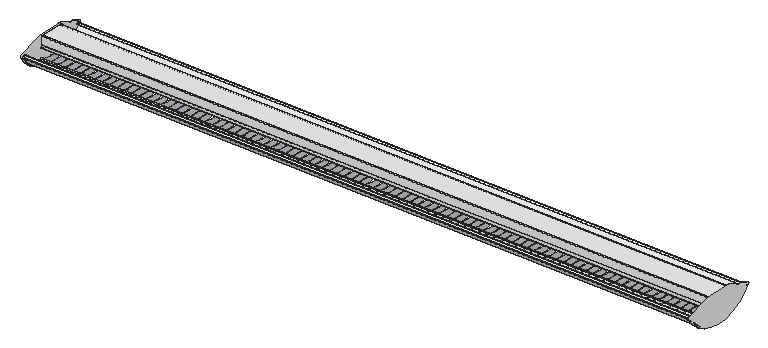
Revit family "LCBA92", category Lighting Fixtures, host Ceiling, Revit 2019 (continued)
Forms (in)
  Extrusion 50, solid
    sketch origin (-40.3833, 0, 0) x (0, 1, 0) y (0, 0, 1)
      loop
        arc (1.81268, 72.94364) -> (-0.00072, 72.65579) -> (-1.81406, 72.94408) r 5.85148
        line (-1.81406, 72.94408) -> (-1.84484, 72.86147) -> (-1.90362, 72.88351)
        arc (-1.90362, 72.88351) -> (-1.99875, 72.88023) -> (-2.06363, 72.81059) r 0.12422
        line (-2.06363, 72.81059) -> (-2.1814, 72.49647)
        arc (-2.1814, 72.49647) -> (-2.17546, 72.44135) -> (-2.12767, 72.41325) r 0.0617
        line (-2.12767, 72.41325) -> (-2.01335, 72.41202) -> (-2.05986, 72.27994)
        arc (-2.05986, 72.27994) -> (0.00142, 71.9068) -> (2.06251, 72.28094) r 5.872
        line (2.06251, 72.28094) -> (2.01335, 72.41202) -> (2.1241, 72.41309)
        arc (2.1241, 72.41309) -> (2.17511, 72.4409) -> (2.18051, 72.49874) r 0.0618
        line (2.18051, 72.49874) -> (2.06311, 72.81193)
        arc (2.06311, 72.81193) -> (1.99756, 72.88131) -> (1.90213, 72.88295) r 0.12304
        line (1.90213, 72.88295) -> (1.84484, 72.86147) -> (1.81268, 72.94364)
    from 45.89311 to 45.9345
  Extrusion 51, solid
    sketch origin (-41.39288, 0, 0) x (0, 1, 0) y (0, 0, 1)
      loop
        arc (1.81268, 72.94364) -> (-0.00072, 72.65579) -> (-1.81406, 72.94408) r 5.85148
        line (-1.81406, 72.94408) -> (-1.84484, 72.86147) -> (-1.90362, 72.88351)
        arc (-1.90362, 72.88351) -> (-1.99875, 72.88023) -> (-2.06363, 72.81059) r 0.12422
        line (-2.06363, 72.81059) -> (-2.1814, 72.49647)
        arc (-2.1814, 72.49647) -> (-2.17546, 72.44135) -> (-2.12767, 72.41325) r 0.0617
        line (-2.12767, 72.41325) -> (-2.01335, 72.41202) -> (-2.05986, 72.27994)
        arc (-2.05986, 72.27994) -> (0.00142, 71.9068) -> (2.06251, 72.28094) r 5.872
        line (2.06251, 72.28094) -> (2.01335, 72.41202) -> (2.1241, 72.41309)
        arc (2.1241, 72.41309) -> (2.17511, 72.4409) -> (2.18051, 72.49874) r 0.0618
        line (2.18051, 72.49874) -> (2.06311, 72.81193)
        arc (2.06311, 72.81193) -> (1.99756, 72.88131) -> (1.90213, 72.88295) r 0.12304
        line (1.90213, 72.88295) -> (1.84484, 72.86147) -> (1.81268, 72.94364)
    from 45.89311 to 45.9345
  Extrusion 52, solid
    sketch origin (-42.40246, 0, 0) x (0, 1, 0) y (0, 0, 1)
      loop
        arc (1.81268, 72.94364) -> (-0.00072, 72.65579) -> (-1.81406, 72.94408) r 5.85148
        line (-1.81406, 72.94408) -> (-1.84484, 72.86147) -> (-1.90362, 72.88351)
        arc (-1.90362, 72.88351) -> (-1.99875, 72.88023) -> (-2.06363, 72.81059) r 0.12422
        line (-2.06363, 72.81059) -> (-2.1814, 72.49647)
        arc (-2.1814, 72.49647) -> (-2.17546, 72.44135) -> (-2.12767, 72.41325) r 0.0617
        line (-2.12767, 72.41325) -> (-2.01335, 72.41202) -> (-2.05986, 72.27994)
        arc (-2.05986, 72.27994) -> (0.00142, 71.9068) -> (2.06251, 72.28094) r 5.872
        line (2.06251, 72.28094) -> (2.01335, 72.41202) -> (2.1241, 72.41309)
        arc (2.1241, 72.41309) -> (2.17511, 72.4409) -> (2.18051, 72.49874) r 0.0618
        line (2.18051, 72.49874) -> (2.06311, 72.81193)
        arc (2.06311, 72.81193) -> (1.99756, 72.88131) -> (1.90213, 72.88295) r 0.12304
        line (1.90213, 72.88295) -> (1.84484, 72.86147) -> (1.81268, 72.94364)
    from 45.89311 to 45.9345
  Extrusion 53, solid
    sketch origin (-43.41204, 0, 0) x (0, 1, 0) y (0, 0, 1)
      loop
        arc (1.81268, 72.94364) -> (-0.00072, 72.65579) -> (-1.81406, 72.94408) r 5.85148
        line (-1.81406, 72.94408) -> (-1.84484, 72.86147) -> (-1.90362, 72.88351)
        arc (-1.90362, 72.88351) -> (-1.99875, 72.88023) -> (-2.06363, 72.81059) r 0.12422
        line (-2.06363, 72.81059) -> (-2.1814, 72.49647)
        arc (-2.1814, 72.49647) -> (-2.17546, 72.44135) -> (-2.12767, 72.41325) r 0.0617
        line (-2.12767, 72.41325) -> (-2.01335, 72.41202) -> (-2.05986, 72.27994)
        arc (-2.05986, 72.27994) -> (0.00142, 71.9068) -> (2.06251, 72.28094) r 5.872
        line (2.06251, 72.28094) -> (2.01335, 72.41202) -> (2.1241, 72.41309)
        arc (2.1241, 72.41309) -> (2.17511, 72.4409) -> (2.18051, 72.49874) r 0.0618
        line (2.18051, 72.49874) -> (2.06311, 72.81193)
        arc (2.06311, 72.81193) -> (1.99756, 72.88131) -> (1.90213, 72.88295) r 0.12304
        line (1.90213, 72.88295) -> (1.84484, 72.86147) -> (1.81268, 72.94364)
    from 45.89311 to 45.9345
  Extrusion 54, solid
    sketch origin (-44.42163, 0, 0) x (0, 1, 0) y (0, 0, 1)
      loop
        arc (1.81268, 72.94364) -> (-0.00072, 72.65579) -> (-1.81406, 72.94408) r 5.85148
        line (-1.81406, 72.94408) -> (-1.84484, 72.86147) -> (-1.90362, 72.88351)
        arc (-1.90362, 72.88351) -> (-1.99875, 72.88023) -> (-2.06363, 72.81059) r 0.12422
        line (-2.06363, 72.81059) -> (-2.1814, 72.49647)
        arc (-2.1814, 72.49647) -> (-2.17546, 72.44135) -> (-2.12767, 72.41325) r 0.0617
        line (-2.12767, 72.41325) -> (-2.01335, 72.41202) -> (-2.05986, 72.27994)
        arc (-2.05986, 72.27994) -> (0.00142, 71.9068) -> (2.06251, 72.28094) r 5.872
        line (2.06251, 72.28094) -> (2.01335, 72.41202) -> (2.1241, 72.41309)
        arc (2.1241, 72.41309) -> (2.17511, 72.4409) -> (2.18051, 72.49874) r 0.0618
        line (2.18051, 72.49874) -> (2.06311, 72.81193)
        arc (2.06311, 72.81193) -> (1.99756, 72.88131) -> (1.90213, 72.88295) r 0.12304
        line (1.90213, 72.88295) -> (1.84484, 72.86147) -> (1.81268, 72.94364)
    from 45.89311 to 45.9345
  Extrusion 55, solid
    sketch origin (-45.43121, 0, 0) x (0, 1, 0) y (0, 0, 1)
      loop
        arc (1.81268, 72.94364) -> (-0.00072, 72.65579) -> (-1.81406, 72.94408) r 5.85148
        line (-1.81406, 72.94408) -> (-1.84484, 72.86147) -> (-1.90362, 72.88351)
        arc (-1.90362, 72.88351) -> (-1.99875, 72.88023) -> (-2.06363, 72.81059) r 0.12422
        line (-2.06363, 72.81059) -> (-2.1814, 72.49647)
        arc (-2.1814, 72.49647) -> (-2.17546, 72.44135) -> (-2.12767, 72.41325) r 0.0617
        line (-2.12767, 72.41325) -> (-2.01335, 72.41202) -> (-2.05986, 72.27994)
        arc (-2.05986, 72.27994) -> (0.00142, 71.9068) -> (2.06251, 72.28094) r 5.872
        line (2.06251, 72.28094) -> (2.01335, 72.41202) -> (2.1241, 72.41309)
        arc (2.1241, 72.41309) -> (2.17511, 72.4409) -> (2.18051, 72.49874) r 0.0618
        line (2.18051, 72.49874) -> (2.06311, 72.81193)
        arc (2.06311, 72.81193) -> (1.99756, 72.88131) -> (1.90213, 72.88295) r 0.12304
        line (1.90213, 72.88295) -> (1.84484, 72.86147) -> (1.81268, 72.94364)
    from 45.89311 to 45.9345
  Extrusion 56, solid
    sketch origin (-46.44079, 0, 0) x (0, 1, 0) y (0, 0, 1)
      loop
        arc (1.81268, 72.94364) -> (-0.00072, 72.65579) -> (-1.81406, 72.94408) r 5.85148
        line (-1.81406, 72.94408) -> (-1.84484, 72.86147) -> (-1.90362, 72.88351)
        arc (-1.90362, 72.88351) -> (-1.99875, 72.88023) -> (-2.06363, 72.81059) r 0.12422
        line (-2.06363, 72.81059) -> (-2.1814, 72.49647)
        arc (-2.1814, 72.49647) -> (-2.17546, 72.44135) -> (-2.12767, 72.41325) r 0.0617
        line (-2.12767, 72.41325) -> (-2.01335, 72.41202) -> (-2.05986, 72.27994)
        arc (-2.05986, 72.27994) -> (0.00142, 71.9068) -> (2.06251, 72.28094) r 5.872
        line (2.06251, 72.28094) -> (2.01335, 72.41202) -> (2.1241, 72.41309)
        arc (2.1241, 72.41309) -> (2.17511, 72.4409) -> (2.18051, 72.49874) r 0.0618
        line (2.18051, 72.49874) -> (2.06311, 72.81193)
        arc (2.06311, 72.81193) -> (1.99756, 72.88131) -> (1.90213, 72.88295) r 0.12304
        line (1.90213, 72.88295) -> (1.84484, 72.86147) -> (1.81268, 72.94364)
    from 45.89311 to 45.9345
  Extrusion 57, solid
    sketch origin (-47.45037, 0, 0) x (0, 1, 0) y (0, 0, 1)
      loop
        arc (1.81268, 72.94364) -> (-0.00072, 72.65579) -> (-1.81406, 72.94408) r 5.85148
        line (-1.81406, 72.94408) -> (-1.84484, 72.86147) -> (-1.90362, 72.88351)
        arc (-1.90362, 72.88351) -> (-1.99875, 72.88023) -> (-2.06363, 72.81059) r 0.12422
        line (-2.06363, 72.81059) -> (-2.1814, 72.49647)
        arc (-2.1814, 72.49647) -> (-2.17546, 72.44135) -> (-2.12767, 72.41325) r 0.0617
        line (-2.12767, 72.41325) -> (-2.01335, 72.41202) -> (-2.05986, 72.27994)
        arc (-2.05986, 72.27994) -> (0.00142, 71.9068) -> (2.06251, 72.28094) r 5.872
        line (2.06251, 72.28094) -> (2.01335, 72.41202) -> (2.1241, 72.41309)
        arc (2.1241, 72.41309) -> (2.17511, 72.4409) -> (2.18051, 72.49874) r 0.0618
        line (2.18051, 72.49874) -> (2.06311, 72.81193)
        arc (2.06311, 72.81193) -> (1.99756, 72.88131) -> (1.90213, 72.88295) r 0.12304
        line (1.90213, 72.88295) -> (1.84484, 72.86147) -> (1.81268, 72.94364)
    from 45.89311 to 45.9345
  Extrusion 58, solid
    sketch origin (-48.45996, 0, 0) x (0, 1, 0) y (0, 0, 1)
      loop
        arc (1.81268, 72.94364) -> (-0.00072, 72.65579) -> (-1.81406, 72.94408) r 5.85148
        line (-1.81406, 72.94408) -> (-1.84484, 72.86147) -> (-1.90362, 72.88351)
        arc (-1.90362, 72.88351) -> (-1.99875, 72.88023) -> (-2.06363, 72.81059) r 0.12422
        line (-2.06363, 72.81059) -> (-2.1814, 72.49647)
        arc (-2.1814, 72.49647) -> (-2.17546, 72.44135) -> (-2.12767, 72.41325) r 0.0617
        line (-2.12767, 72.41325) -> (-2.01335, 72.41202) -> (-2.05986, 72.27994)
        arc (-2.05986, 72.27994) -> (0.00142, 71.9068) -> (2.06251, 72.28094) r 5.872
        line (2.06251, 72.28094) -> (2.01335, 72.41202) -> (2.1241, 72.41309)
        arc (2.1241, 72.41309) -> (2.17511, 72.4409) -> (2.18051, 72.49874) r 0.0618
        line (2.18051, 72.49874) -> (2.06311, 72.81193)
        arc (2.06311, 72.81193) -> (1.99756, 72.88131) -> (1.90213, 72.88295) r 0.12304
        line (1.90213, 72.88295) -> (1.84484, 72.86147) -> (1.81268, 72.94364)
    from 45.89311 to 45.9345
  Extrusion 59, solid
    sketch origin (-49.46954, 0, 0) x (0, 1, 0) y (0, 0, 1)
      loop
        arc (1.81268, 72.94364) -> (-0.00072, 72.65579) -> (-1.81406, 72.94408) r 5.85148
        line (-1.81406, 72.94408) -> (-1.84484, 72.86147) -> (-1.90362, 72.88351)
        arc (-1.90362, 72.88351) -> (-1.99875, 72.88023) -> (-2.06363, 72.81059) r 0.12422
        line (-2.06363, 72.81059) -> (-2.1814, 72.49647)
        arc (-2.1814, 72.49647) -> (-2.17546, 72.44135) -> (-2.12767, 72.41325) r 0.0617
        line (-2.12767, 72.41325) -> (-2.01335, 72.41202) -> (-2.05986, 72.27994)
        arc (-2.05986, 72.27994) -> (0.00142, 71.9068) -> (2.06251, 72.28094) r 5.872
        line (2.06251, 72.28094) -> (2.01335, 72.41202) -> (2.1241, 72.41309)
        arc (2.1241, 72.41309) -> (2.17511, 72.4409) -> (2.18051, 72.49874) r 0.0618
        line (2.18051, 72.49874) -> (2.06311, 72.81193)
        arc (2.06311, 72.81193) -> (1.99756, 72.88131) -> (1.90213, 72.88295) r 0.12304
        line (1.90213, 72.88295) -> (1.84484, 72.86147) -> (1.81268, 72.94364)
    from 45.89311 to 45.9345
  Extrusion 60, solid
    sketch origin (-50.47912, 0, 0) x (0, 1, 0) y (0, 0, 1)
      loop
        arc (1.81268, 72.94364) -> (-0.00072, 72.65579) -> (-1.81406, 72.94408) r 5.85148
        line (-1.81406, 72.94408) -> (-1.84484, 72.86147) -> (-1.90362, 72.88351)
        arc (-1.90362, 72.88351) -> (-1.99875, 72.88023) -> (-2.06363, 72.81059) r 0.12422
        line (-2.06363, 72.81059) -> (-2.1814, 72.49647)
        arc (-2.1814, 72.49647) -> (-2.17546, 72.44135) -> (-2.12767, 72.41325) r 0.0617
        line (-2.12767, 72.41325) -> (-2.01335, 72.41202) -> (-2.05986, 72.27994)
        arc (-2.05986, 72.27994) -> (0.00142, 71.9068) -> (2.06251, 72.28094) r 5.872
        line (2.06251, 72.28094) -> (2.01335, 72.41202) -> (2.1241, 72.41309)
        arc (2.1241, 72.41309) -> (2.17511, 72.4409) -> (2.18051, 72.49874) r 0.0618
        line (2.18051, 72.49874) -> (2.06311, 72.81193)
        arc (2.06311, 72.81193) -> (1.99756, 72.88131) -> (1.90213, 72.88295) r 0.12304
        line (1.90213, 72.88295) -> (1.84484, 72.86147) -> (1.81268, 72.94364)
    from 45.89311 to 45.9345
  Extrusion 61, solid
    sketch origin (-51.4887, 0, 0) x (0, 1, 0) y (0, 0, 1)
      loop
        arc (1.81268, 72.94364) -> (-0.00072, 72.65579) -> (-1.81406, 72.94408) r 5.85148
        line (-1.81406, 72.94408) -> (-1.84484, 72.86147) -> (-1.90362, 72.88351)
        arc (-1.90362, 72.88351) -> (-1.99875, 72.88023) -> (-2.06363, 72.81059) r 0.12422
        line (-2.06363, 72.81059) -> (-2.1814, 72.49647)
        arc (-2.1814, 72.49647) -> (-2.17546, 72.44135) -> (-2.12767, 72.41325) r 0.0617
        line (-2.12767, 72.41325) -> (-2.01335, 72.41202) -> (-2.05986, 72.27994)
        arc (-2.05986, 72.27994) -> (0.00142, 71.9068) -> (2.06251, 72.28094) r 5.872
        line (2.06251, 72.28094) -> (2.01335, 72.41202) -> (2.1241, 72.41309)
        arc (2.1241, 72.41309) -> (2.17511, 72.4409) -> (2.18051, 72.49874) r 0.0618
        line (2.18051, 72.49874) -> (2.06311, 72.81193)
        arc (2.06311, 72.81193) -> (1.99756, 72.88131) -> (1.90213, 72.88295) r 0.12304
        line (1.90213, 72.88295) -> (1.84484, 72.86147) -> (1.81268, 72.94364)
    from 45.89311 to 45.9345
  Extrusion 62, solid
    sketch origin (-52.49829, 0, 0) x (0, 1, 0) y (0, 0, 1)
      loop
        arc (1.81268, 72.94364) -> (-0.00072, 72.65579) -> (-1.81406, 72.94408) r 5.85148
        line (-1.81406, 72.94408) -> (-1.84484, 72.86147) -> (-1.90362, 72.88351)
        arc (-1.90362, 72.88351) -> (-1.99875, 72.88023) -> (-2.06363, 72.81059) r 0.12422
        line (-2.06363, 72.81059) -> (-2.1814, 72.49647)
        arc (-2.1814, 72.49647) -> (-2.17546, 72.44135) -> (-2.12767, 72.41325) r 0.0617
        line (-2.12767, 72.41325) -> (-2.01335, 72.41202) -> (-2.05986, 72.27994)
        arc (-2.05986, 72.27994) -> (0.00142, 71.9068) -> (2.06251, 72.28094) r 5.872
        line (2.06251, 72.28094) -> (2.01335, 72.41202) -> (2.1241, 72.41309)
        arc (2.1241, 72.41309) -> (2.17511, 72.4409) -> (2.18051, 72.49874) r 0.0618
        line (2.18051, 72.49874) -> (2.06311, 72.81193)
        arc (2.06311, 72.81193) -> (1.99756, 72.88131) -> (1.90213, 72.88295) r 0.12304
        line (1.90213, 72.88295) -> (1.84484, 72.86147) -> (1.81268, 72.94364)
    from 45.89311 to 45.9345
  Extrusion 63, solid
    sketch origin (-53.50787, 0, 0) x (0, 1, 0) y (0, 0, 1)
      loop
        arc (1.81268, 72.94364) -> (-0.00072, 72.65579) -> (-1.81406, 72.94408) r 5.85148
        line (-1.81406, 72.94408) -> (-1.84484, 72.86147) -> (-1.90362, 72.88351)
        arc (-1.90362, 72.88351) -> (-1.99875, 72.88023) -> (-2.06363, 72.81059) r 0.12422
        line (-2.06363, 72.81059) -> (-2.1814, 72.49647)
        arc (-2.1814, 72.49647) -> (-2.17546, 72.44135) -> (-2.12767, 72.41325) r 0.0617
        line (-2.12767, 72.41325) -> (-2.01335, 72.41202) -> (-2.05986, 72.27994)
        arc (-2.05986, 72.27994) -> (0.00142, 71.9068) -> (2.06251, 72.28094) r 5.872
        line (2.06251, 72.28094) -> (2.01335, 72.41202) -> (2.1241, 72.41309)
        arc (2.1241, 72.41309) -> (2.17511, 72.4409) -> (2.18051, 72.49874) r 0.0618
        line (2.18051, 72.49874) -> (2.06311, 72.81193)
        arc (2.06311, 72.81193) -> (1.99756, 72.88131) -> (1.90213, 72.88295) r 0.12304
        line (1.90213, 72.88295) -> (1.84484, 72.86147) -> (1.81268, 72.94364)
    from 45.89311 to 45.9345
  Extrusion 64, solid
    sketch origin (-54.51745, 0, 0) x (0, 1, 0) y (0, 0, 1)
      loop
        arc (1.81268, 72.94364) -> (-0.00072, 72.65579) -> (-1.81406, 72.94408) r 5.85148
        line (-1.81406, 72.94408) -> (-1.84484, 72.86147) -> (-1.90362, 72.88351)
        arc (-1.90362, 72.88351) -> (-1.99875, 72.88023) -> (-2.06363, 72.81059) r 0.12422
        line (-2.06363, 72.81059) -> (-2.1814, 72.49647)
        arc (-2.1814, 72.49647) -> (-2.17546, 72.44135) -> (-2.12767, 72.41325) r 0.0617
        line (-2.12767, 72.41325) -> (-2.01335, 72.41202) -> (-2.05986, 72.27994)
        arc (-2.05986, 72.27994) -> (0.00142, 71.9068) -> (2.06251, 72.28094) r 5.872
        line (2.06251, 72.28094) -> (2.01335, 72.41202) -> (2.1241, 72.41309)
        arc (2.1241, 72.41309) -> (2.17511, 72.4409) -> (2.18051, 72.49874) r 0.0618
        line (2.18051, 72.49874) -> (2.06311, 72.81193)
        arc (2.06311, 72.81193) -> (1.99756, 72.88131) -> (1.90213, 72.88295) r 0.12304
        line (1.90213, 72.88295) -> (1.84484, 72.86147) -> (1.81268, 72.94364)
    from 45.89311 to 45.9345
  Extrusion 65, solid
    sketch origin (-55.52703, 0, 0) x (0, 1, 0) y (0, 0, 1)
      loop
        arc (1.81268, 72.94364) -> (-0.00072, 72.65579) -> (-1.81406, 72.94408) r 5.85148
        line (-1.81406, 72.94408) -> (-1.84484, 72.86147) -> (-1.90362, 72.88351)
        arc (-1.90362, 72.88351) -> (-1.99875, 72.88023) -> (-2.06363, 72.81059) r 0.12422
        line (-2.06363, 72.81059) -> (-2.1814, 72.49647)
        arc (-2.1814, 72.49647) -> (-2.17546, 72.44135) -> (-2.12767, 72.41325) r 0.0617
        line (-2.12767, 72.41325) -> (-2.01335, 72.41202) -> (-2.05986, 72.27994)
        arc (-2.05986, 72.27994) -> (0.00142, 71.9068) -> (2.06251, 72.28094) r 5.872
        line (2.06251, 72.28094) -> (2.01335, 72.41202) -> (2.1241, 72.41309)
        arc (2.1241, 72.41309) -> (2.17511, 72.4409) -> (2.18051, 72.49874) r 0.0618
        line (2.18051, 72.49874) -> (2.06311, 72.81193)
        arc (2.06311, 72.81193) -> (1.99756, 72.88131) -> (1.90213, 72.88295) r 0.12304
        line (1.90213, 72.88295) -> (1.84484, 72.86147) -> (1.81268, 72.94364)
    from 45.89311 to 45.9345
  Extrusion 66, solid
    sketch origin (-56.53662, 0, 0) x (0, 1, 0) y (0, 0, 1)
      loop
        arc (1.81268, 72.94364) -> (-0.00072, 72.65579) -> (-1.81406, 72.94408) r 5.85148
        line (-1.81406, 72.94408) -> (-1.84484, 72.86147) -> (-1.90362, 72.88351)
        arc (-1.90362, 72.88351) -> (-1.99875, 72.88023) -> (-2.06363, 72.81059) r 0.12422
        line (-2.06363, 72.81059) -> (-2.1814, 72.49647)
        arc (-2.1814, 72.49647) -> (-2.17546, 72.44135) -> (-2.12767, 72.41325) r 0.0617
        line (-2.12767, 72.41325) -> (-2.01335, 72.41202) -> (-2.05986, 72.27994)
        arc (-2.05986, 72.27994) -> (0.00142, 71.9068) -> (2.06251, 72.28094) r 5.872
        line (2.06251, 72.28094) -> (2.01335, 72.41202) -> (2.1241, 72.41309)
        arc (2.1241, 72.41309) -> (2.17511, 72.4409) -> (2.18051, 72.49874) r 0.0618
        line (2.18051, 72.49874) -> (2.06311, 72.81193)
        arc (2.06311, 72.81193) -> (1.99756, 72.88131) -> (1.90213, 72.88295) r 0.12304
        line (1.90213, 72.88295) -> (1.84484, 72.86147) -> (1.81268, 72.94364)
    from 45.89311 to 45.9345
  Extrusion 67, solid
    sketch origin (-57.5462, 0, 0) x (0, 1, 0) y (0, 0, 1)
      loop
        arc (1.81268, 72.94364) -> (-0.00072, 72.65579) -> (-1.81406, 72.94408) r 5.85148
        line (-1.81406, 72.94408) -> (-1.84484, 72.86147) -> (-1.90362, 72.88351)
        arc (-1.90362, 72.88351) -> (-1.99875, 72.88023) -> (-2.06363, 72.81059) r 0.12422
        line (-2.06363, 72.81059) -> (-2.1814, 72.49647)
        arc (-2.1814, 72.49647) -> (-2.17546, 72.44135) -> (-2.12767, 72.41325) r 0.0617
        line (-2.12767, 72.41325) -> (-2.01335, 72.41202) -> (-2.05986, 72.27994)
        arc (-2.05986, 72.27994) -> (0.00142, 71.9068) -> (2.06251, 72.28094) r 5.872
        line (2.06251, 72.28094) -> (2.01335, 72.41202) -> (2.1241, 72.41309)
        arc (2.1241, 72.41309) -> (2.17511, 72.4409) -> (2.18051, 72.49874) r 0.0618
        line (2.18051, 72.49874) -> (2.06311, 72.81193)
        arc (2.06311, 72.81193) -> (1.99756, 72.88131) -> (1.90213, 72.88295) r 0.12304
        line (1.90213, 72.88295) -> (1.84484, 72.86147) -> (1.81268, 72.94364)
    from 45.89311 to 45.9345
  Extrusion 68, solid
    sketch origin (-58.55578, 0, 0) x (0, 1, 0) y (0, 0, 1)
      loop
        arc (1.81268, 72.94364) -> (-0.00072, 72.65579) -> (-1.81406, 72.94408) r 5.85148
        line (-1.81406, 72.94408) -> (-1.84484, 72.86147) -> (-1.90362, 72.88351)
        arc (-1.90362, 72.88351) -> (-1.99875, 72.88023) -> (-2.06363, 72.81059) r 0.12422
        line (-2.06363, 72.81059) -> (-2.1814, 72.49647)
        arc (-2.1814, 72.49647) -> (-2.17546, 72.44135) -> (-2.12767, 72.41325) r 0.0617
        line (-2.12767, 72.41325) -> (-2.01335, 72.41202) -> (-2.05986, 72.27994)
        arc (-2.05986, 72.27994) -> (0.00142, 71.9068) -> (2.06251, 72.28094) r 5.872
        line (2.06251, 72.28094) -> (2.01335, 72.41202) -> (2.1241, 72.41309)
        arc (2.1241, 72.41309) -> (2.17511, 72.4409) -> (2.18051, 72.49874) r 0.0618
        line (2.18051, 72.49874) -> (2.06311, 72.81193)
        arc (2.06311, 72.81193) -> (1.99756, 72.88131) -> (1.90213, 72.88295) r 0.12304
        line (1.90213, 72.88295) -> (1.84484, 72.86147) -> (1.81268, 72.94364)
    from 45.89311 to 45.9345
  Extrusion 69, solid
    sketch origin (-59.56536, 0, 0) x (0, 1, 0) y (0, 0, 1)
      loop
        arc (1.81268, 72.94364) -> (-0.00072, 72.65579) -> (-1.81406, 72.94408) r 5.85148
        line (-1.81406, 72.94408) -> (-1.84484, 72.86147) -> (-1.90362, 72.88351)
        arc (-1.90362, 72.88351) -> (-1.99875, 72.88023) -> (-2.06363, 72.81059) r 0.12422
        line (-2.06363, 72.81059) -> (-2.1814, 72.49647)
        arc (-2.1814, 72.49647) -> (-2.17546, 72.44135) -> (-2.12767, 72.41325) r 0.0617
        line (-2.12767, 72.41325) -> (-2.01335, 72.41202) -> (-2.05986, 72.27994)
        arc (-2.05986, 72.27994) -> (0.00142, 71.9068) -> (2.06251, 72.28094) r 5.872
        line (2.06251, 72.28094) -> (2.01335, 72.41202) -> (2.1241, 72.41309)
        arc (2.1241, 72.41309) -> (2.17511, 72.4409) -> (2.18051, 72.49874) r 0.0618
        line (2.18051, 72.49874) -> (2.06311, 72.81193)
        arc (2.06311, 72.81193) -> (1.99756, 72.88131) -> (1.90213, 72.88295) r 0.12304
        line (1.90213, 72.88295) -> (1.84484, 72.86147) -> (1.81268, 72.94364)
    from 45.89311 to 45.9345
  Extrusion 70, solid
    sketch origin (-60.57495, 0, 0) x (0, 1, 0) y (0, 0, 1)
      loop
        arc (1.81268, 72.94364) -> (-0.00072, 72.65579) -> (-1.81406, 72.94408) r 5.85148
        line (-1.81406, 72.94408) -> (-1.84484, 72.86147) -> (-1.90362, 72.88351)
        arc (-1.90362, 72.88351) -> (-1.99875, 72.88023) -> (-2.06363, 72.81059) r 0.12422
        line (-2.06363, 72.81059) -> (-2.1814, 72.49647)
        arc (-2.1814, 72.49647) -> (-2.17546, 72.44135) -> (-2.12767, 72.41325) r 0.0617
        line (-2.12767, 72.41325) -> (-2.01335, 72.41202) -> (-2.05986, 72.27994)
        arc (-2.05986, 72.27994) -> (0.00142, 71.9068) -> (2.06251, 72.28094) r 5.872
        line (2.06251, 72.28094) -> (2.01335, 72.41202) -> (2.1241, 72.41309)
        arc (2.1241, 72.41309) -> (2.17511, 72.4409) -> (2.18051, 72.49874) r 0.0618
        line (2.18051, 72.49874) -> (2.06311, 72.81193)
        arc (2.06311, 72.81193) -> (1.99756, 72.88131) -> (1.90213, 72.88295) r 0.12304
        line (1.90213, 72.88295) -> (1.84484, 72.86147) -> (1.81268, 72.94364)
    from 45.89311 to 45.9345
  Extrusion 71, solid
    sketch origin (-61.58453, 0, 0) x (0, 1, 0) y (0, 0, 1)
      loop
        arc (1.81268, 72.94364) -> (-0.00072, 72.65579) -> (-1.81406, 72.94408) r 5.85148
        line (-1.81406, 72.94408) -> (-1.84484, 72.86147) -> (-1.90362, 72.88351)
        arc (-1.90362, 72.88351) -> (-1.99875, 72.88023) -> (-2.06363, 72.81059) r 0.12422
        line (-2.06363, 72.81059) -> (-2.1814, 72.49647)
        arc (-2.1814, 72.49647) -> (-2.17546, 72.44135) -> (-2.12767, 72.41325) r 0.0617
        line (-2.12767, 72.41325) -> (-2.01335, 72.41202) -> (-2.05986, 72.27994)
        arc (-2.05986, 72.27994) -> (0.00142, 71.9068) -> (2.06251, 72.28094) r 5.872
        line (2.06251, 72.28094) -> (2.01335, 72.41202) -> (2.1241, 72.41309)
        arc (2.1241, 72.41309) -> (2.17511, 72.4409) -> (2.18051, 72.49874) r 0.0618
        line (2.18051, 72.49874) -> (2.06311, 72.81193)
        arc (2.06311, 72.81193) -> (1.99756, 72.88131) -> (1.90213, 72.88295) r 0.12304
        line (1.90213, 72.88295) -> (1.84484, 72.86147) -> (1.81268, 72.94364)
    from 45.89311 to 45.9345
  Extrusion 72, solid
    sketch origin (-62.59411, 0, 0) x (0, 1, 0) y (0, 0, 1)
      loop
        arc (1.81268, 72.94364) -> (-0.00072, 72.65579) -> (-1.81406, 72.94408) r 5.85148
        line (-1.81406, 72.94408) -> (-1.84484, 72.86147) -> (-1.90362, 72.88351)
        arc (-1.90362, 72.88351) -> (-1.99875, 72.88023) -> (-2.06363, 72.81059) r 0.12422
        line (-2.06363, 72.81059) -> (-2.1814, 72.49647)
        arc (-2.1814, 72.49647) -> (-2.17546, 72.44135) -> (-2.12767, 72.41325) r 0.0617
        line (-2.12767, 72.41325) -> (-2.01335, 72.41202) -> (-2.05986, 72.27994)
        arc (-2.05986, 72.27994) -> (0.00142, 71.9068) -> (2.06251, 72.28094) r 5.872
        line (2.06251, 72.28094) -> (2.01335, 72.41202) -> (2.1241, 72.41309)
        arc (2.1241, 72.41309) -> (2.17511, 72.4409) -> (2.18051, 72.49874) r 0.0618
        line (2.18051, 72.49874) -> (2.06311, 72.81193)
        arc (2.06311, 72.81193) -> (1.99756, 72.88131) -> (1.90213, 72.88295) r 0.12304
        line (1.90213, 72.88295) -> (1.84484, 72.86147) -> (1.81268, 72.94364)
    from 45.89311 to 45.9345
  Extrusion 73, solid
    sketch origin (-63.60369, 0, 0) x (0, 1, 0) y (0, 0, 1)
      loop
        arc (1.81268, 72.94364) -> (-0.00072, 72.65579) -> (-1.81406, 72.94408) r 5.85148
        line (-1.81406, 72.94408) -> (-1.84484, 72.86147) -> (-1.90362, 72.88351)
        arc (-1.90362, 72.88351) -> (-1.99875, 72.88023) -> (-2.06363, 72.81059) r 0.12422
        line (-2.06363, 72.81059) -> (-2.1814, 72.49647)
        arc (-2.1814, 72.49647) -> (-2.17546, 72.44135) -> (-2.12767, 72.41325) r 0.0617
        line (-2.12767, 72.41325) -> (-2.01335, 72.41202) -> (-2.05986, 72.27994)
        arc (-2.05986, 72.27994) -> (0.00142, 71.9068) -> (2.06251, 72.28094) r 5.872
        line (2.06251, 72.28094) -> (2.01335, 72.41202) -> (2.1241, 72.41309)
        arc (2.1241, 72.41309) -> (2.17511, 72.4409) -> (2.18051, 72.49874) r 0.0618
        line (2.18051, 72.49874) -> (2.06311, 72.81193)
        arc (2.06311, 72.81193) -> (1.99756, 72.88131) -> (1.90213, 72.88295) r 0.12304
        line (1.90213, 72.88295) -> (1.84484, 72.86147) -> (1.81268, 72.94364)
    from 45.89311 to 45.9345
  Extrusion 74, solid
    sketch origin (-64.61327, 0, 0) x (0, 1, 0) y (0, 0, 1)
      loop
        arc (1.81268, 72.94364) -> (-0.00072, 72.65579) -> (-1.81406, 72.94408) r 5.85148
        line (-1.81406, 72.94408) -> (-1.84484, 72.86147) -> (-1.90362, 72.88351)
        arc (-1.90362, 72.88351) -> (-1.99875, 72.88023) -> (-2.06363, 72.81059) r 0.12422
        line (-2.06363, 72.81059) -> (-2.1814, 72.49647)
        arc (-2.1814, 72.49647) -> (-2.17546, 72.44135) -> (-2.12767, 72.41325) r 0.0617
        line (-2.12767, 72.41325) -> (-2.01335, 72.41202) -> (-2.05986, 72.27994)
        arc (-2.05986, 72.27994) -> (0.00142, 71.9068) -> (2.06251, 72.28094) r 5.872
        line (2.06251, 72.28094) -> (2.01335, 72.41202) -> (2.1241, 72.41309)
        arc (2.1241, 72.41309) -> (2.17511, 72.4409) -> (2.18051, 72.49874) r 0.0618
        line (2.18051, 72.49874) -> (2.06311, 72.81193)
        arc (2.06311, 72.81193) -> (1.99756, 72.88131) -> (1.90213, 72.88295) r 0.12304
        line (1.90213, 72.88295) -> (1.84484, 72.86147) -> (1.81268, 72.94364)
    from 45.89311 to 45.9345
  Extrusion 75, solid
    sketch origin (-65.62286, 0, 0) x (0, 1, 0) y (0, 0, 1)
      loop
        arc (1.81268, 72.94364) -> (-0.00072, 72.65579) -> (-1.81406, 72.94408) r 5.85148
        line (-1.81406, 72.94408) -> (-1.84484, 72.86147) -> (-1.90362, 72.88351)
        arc (-1.90362, 72.88351) -> (-1.99875, 72.88023) -> (-2.06363, 72.81059) r 0.12422
        line (-2.06363, 72.81059) -> (-2.1814, 72.49647)
        arc (-2.1814, 72.49647) -> (-2.17546, 72.44135) -> (-2.12767, 72.41325) r 0.0617
        line (-2.12767, 72.41325) -> (-2.01335, 72.41202) -> (-2.05986, 72.27994)
        arc (-2.05986, 72.27994) -> (0.00142, 71.9068) -> (2.06251, 72.28094) r 5.872
        line (2.06251, 72.28094) -> (2.01335, 72.41202) -> (2.1241, 72.41309)
        arc (2.1241, 72.41309) -> (2.17511, 72.4409) -> (2.18051, 72.49874) r 0.0618
        line (2.18051, 72.49874) -> (2.06311, 72.81193)
        arc (2.06311, 72.81193) -> (1.99756, 72.88131) -> (1.90213, 72.88295) r 0.12304
        line (1.90213, 72.88295) -> (1.84484, 72.86147) -> (1.81268, 72.94364)
    from 45.89311 to 45.9345
  Extrusion 76, solid
    sketch origin (-66.63244, 0, 0) x (0, 1, 0) y (0, 0, 1)
      loop
        arc (1.81268, 72.94364) -> (-0.00072, 72.65579) -> (-1.81406, 72.94408) r 5.85148
        line (-1.81406, 72.94408) -> (-1.84484, 72.86147) -> (-1.90362, 72.88351)
        arc (-1.90362, 72.88351) -> (-1.99875, 72.88023) -> (-2.06363, 72.81059) r 0.12422
        line (-2.06363, 72.81059) -> (-2.1814, 72.49647)
        arc (-2.1814, 72.49647) -> (-2.17546, 72.44135) -> (-2.12767, 72.41325) r 0.0617
        line (-2.12767, 72.41325) -> (-2.01335, 72.41202) -> (-2.05986, 72.27994)
        arc (-2.05986, 72.27994) -> (0.00142, 71.9068) -> (2.06251, 72.28094) r 5.872
        line (2.06251, 72.28094) -> (2.01335, 72.41202) -> (2.1241, 72.41309)
        arc (2.1241, 72.41309) -> (2.17511, 72.4409) -> (2.18051, 72.49874) r 0.0618
        line (2.18051, 72.49874) -> (2.06311, 72.81193)
        arc (2.06311, 72.81193) -> (1.99756, 72.88131) -> (1.90213, 72.88295) r 0.12304
        line (1.90213, 72.88295) -> (1.84484, 72.86147) -> (1.81268, 72.94364)
    from 45.89311 to 45.9345
  Extrusion 77, solid
    sketch origin (-67.64202, 0, 0) x (0, 1, 0) y (0, 0, 1)
      loop
        arc (1.81268, 72.94364) -> (-0.00072, 72.65579) -> (-1.81406, 72.94408) r 5.85148
        line (-1.81406, 72.94408) -> (-1.84484, 72.86147) -> (-1.90362, 72.88351)
        arc (-1.90362, 72.88351) -> (-1.99875, 72.88023) -> (-2.06363, 72.81059) r 0.12422
        line (-2.06363, 72.81059) -> (-2.1814, 72.49647)
        arc (-2.1814, 72.49647) -> (-2.17546, 72.44135) -> (-2.12767, 72.41325) r 0.0617
        line (-2.12767, 72.41325) -> (-2.01335, 72.41202) -> (-2.05986, 72.27994)
        arc (-2.05986, 72.27994) -> (0.00142, 71.9068) -> (2.06251, 72.28094) r 5.872
        line (2.06251, 72.28094) -> (2.01335, 72.41202) -> (2.1241, 72.41309)
        arc (2.1241, 72.41309) -> (2.17511, 72.4409) -> (2.18051, 72.49874) r 0.0618
        line (2.18051, 72.49874) -> (2.06311, 72.81193)
        arc (2.06311, 72.81193) -> (1.99756, 72.88131) -> (1.90213, 72.88295) r 0.12304
        line (1.90213, 72.88295) -> (1.84484, 72.86147) -> (1.81268, 72.94364)
    from 45.89311 to 45.9345
  Extrusion 78, solid
    sketch origin (-68.6516, 0, 0) x (0, 1, 0) y (0, 0, 1)
      loop
        arc (1.81268, 72.94364) -> (-0.00072, 72.65579) -> (-1.81406, 72.94408) r 5.85148
        line (-1.81406, 72.94408) -> (-1.84484, 72.86147) -> (-1.90362, 72.88351)
        arc (-1.90362, 72.88351) -> (-1.99875, 72.88023) -> (-2.06363, 72.81059) r 0.12422
        line (-2.06363, 72.81059) -> (-2.1814, 72.49647)
        arc (-2.1814, 72.49647) -> (-2.17546, 72.44135) -> (-2.12767, 72.41325) r 0.0617
        line (-2.12767, 72.41325) -> (-2.01335, 72.41202) -> (-2.05986, 72.27994)
        arc (-2.05986, 72.27994) -> (0.00142, 71.9068) -> (2.06251, 72.28094) r 5.872
        line (2.06251, 72.28094) -> (2.01335, 72.41202) -> (2.1241, 72.41309)
        arc (2.1241, 72.41309) -> (2.17511, 72.4409) -> (2.18051, 72.49874) r 0.0618
        line (2.18051, 72.49874) -> (2.06311, 72.81193)
        arc (2.06311, 72.81193) -> (1.99756, 72.88131) -> (1.90213, 72.88295) r 0.12304
        line (1.90213, 72.88295) -> (1.84484, 72.86147) -> (1.81268, 72.94364)
    from 45.89311 to 45.9345
  Extrusion 79, solid
    sketch origin (-69.66119, 0, 0) x (0, 1, 0) y (0, 0, 1)
      loop
        arc (1.81268, 72.94364) -> (-0.00072, 72.65579) -> (-1.81406, 72.94408) r 5.85148
        line (-1.81406, 72.94408) -> (-1.84484, 72.86147) -> (-1.90362, 72.88351)
        arc (-1.90362, 72.88351) -> (-1.99875, 72.88023) -> (-2.06363, 72.81059) r 0.12422
        line (-2.06363, 72.81059) -> (-2.1814, 72.49647)
        arc (-2.1814, 72.49647) -> (-2.17546, 72.44135) -> (-2.12767, 72.41325) r 0.0617
        line (-2.12767, 72.41325) -> (-2.01335, 72.41202) -> (-2.05986, 72.27994)
        arc (-2.05986, 72.27994) -> (0.00142, 71.9068) -> (2.06251, 72.28094) r 5.872
        line (2.06251, 72.28094) -> (2.01335, 72.41202) -> (2.1241, 72.41309)
        arc (2.1241, 72.41309) -> (2.17511, 72.4409) -> (2.18051, 72.49874) r 0.0618
        line (2.18051, 72.49874) -> (2.06311, 72.81193)
        arc (2.06311, 72.81193) -> (1.99756, 72.88131) -> (1.90213, 72.88295) r 0.12304
        line (1.90213, 72.88295) -> (1.84484, 72.86147) -> (1.81268, 72.94364)
    from 45.89311 to 45.9345
  Extrusion 80, solid
    sketch origin (-70.67077, 0, 0) x (0, 1, 0) y (0, 0, 1)
      loop
        arc (1.81268, 72.94364) -> (-0.00072, 72.65579) -> (-1.81406, 72.94408) r 5.85148
        line (-1.81406, 72.94408) -> (-1.84484, 72.86147) -> (-1.90362, 72.88351)
        arc (-1.90362, 72.88351) -> (-1.99875, 72.88023) -> (-2.06363, 72.81059) r 0.12422
        line (-2.06363, 72.81059) -> (-2.1814, 72.49647)
        arc (-2.1814, 72.49647) -> (-2.17546, 72.44135) -> (-2.12767, 72.41325) r 0.0617
        line (-2.12767, 72.41325) -> (-2.01335, 72.41202) -> (-2.05986, 72.27994)
        arc (-2.05986, 72.27994) -> (0.00142, 71.9068) -> (2.06251, 72.28094) r 5.872
        line (2.06251, 72.28094) -> (2.01335, 72.41202) -> (2.1241, 72.41309)
        arc (2.1241, 72.41309) -> (2.17511, 72.4409) -> (2.18051, 72.49874) r 0.0618
        line (2.18051, 72.49874) -> (2.06311, 72.81193)
        arc (2.06311, 72.81193) -> (1.99756, 72.88131) -> (1.90213, 72.88295) r 0.12304
        line (1.90213, 72.88295) -> (1.84484, 72.86147) -> (1.81268, 72.94364)
    from 45.89311 to 45.9345
  Extrusion 81, solid
    sketch origin (-71.68035, 0, 0) x (0, 1, 0) y (0, 0, 1)
      loop
        arc (1.81268, 72.94364) -> (-0.00072, 72.65579) -> (-1.81406, 72.94408) r 5.85148
        line (-1.81406, 72.94408) -> (-1.84484, 72.86147) -> (-1.90362, 72.88351)
        arc (-1.90362, 72.88351) -> (-1.99875, 72.88023) -> (-2.06363, 72.81059) r 0.12422
        line (-2.06363, 72.81059) -> (-2.1814, 72.49647)
        arc (-2.1814, 72.49647) -> (-2.17546, 72.44135) -> (-2.12767, 72.41325) r 0.0617
        line (-2.12767, 72.41325) -> (-2.01335, 72.41202) -> (-2.05986, 72.27994)
        arc (-2.05986, 72.27994) -> (0.00142, 71.9068) -> (2.06251, 72.28094) r 5.872
        line (2.06251, 72.28094) -> (2.01335, 72.41202) -> (2.1241, 72.41309)
        arc (2.1241, 72.41309) -> (2.17511, 72.4409) -> (2.18051, 72.49874) r 0.0618
        line (2.18051, 72.49874) -> (2.06311, 72.81193)
        arc (2.06311, 72.81193) -> (1.99756, 72.88131) -> (1.90213, 72.88295) r 0.12304
        line (1.90213, 72.88295) -> (1.84484, 72.86147) -> (1.81268, 72.94364)
    from 45.89311 to 45.9345
  Extrusion 82, solid
    sketch origin (-72.68993, 0, 0) x (0, 1, 0) y (0, 0, 1)
      loop
        arc (1.81268, 72.94364) -> (-0.00072, 72.65579) -> (-1.81406, 72.94408) r 5.85148
        line (-1.81406, 72.94408) -> (-1.84484, 72.86147) -> (-1.90362, 72.88351)
        arc (-1.90362, 72.88351) -> (-1.99875, 72.88023) -> (-2.06363, 72.81059) r 0.12422
        line (-2.06363, 72.81059) -> (-2.1814, 72.49647)
        arc (-2.1814, 72.49647) -> (-2.17546, 72.44135) -> (-2.12767, 72.41325) r 0.0617
        line (-2.12767, 72.41325) -> (-2.01335, 72.41202) -> (-2.05986, 72.27994)
        arc (-2.05986, 72.27994) -> (0.00142, 71.9068) -> (2.06251, 72.28094) r 5.872
        line (2.06251, 72.28094) -> (2.01335, 72.41202) -> (2.1241, 72.41309)
        arc (2.1241, 72.41309) -> (2.17511, 72.4409) -> (2.18051, 72.49874) r 0.0618
        line (2.18051, 72.49874) -> (2.06311, 72.81193)
        arc (2.06311, 72.81193) -> (1.99756, 72.88131) -> (1.90213, 72.88295) r 0.12304
        line (1.90213, 72.88295) -> (1.84484, 72.86147) -> (1.81268, 72.94364)
    from 45.89311 to 45.9345
  Extrusion 83, solid
    sketch origin (-73.69952, 0, 0) x (0, 1, 0) y (0, 0, 1)
      loop
        arc (1.81268, 72.94364) -> (-0.00072, 72.65579) -> (-1.81406, 72.94408) r 5.85148
        line (-1.81406, 72.94408) -> (-1.84484, 72.86147) -> (-1.90362, 72.88351)
        arc (-1.90362, 72.88351) -> (-1.99875, 72.88023) -> (-2.06363, 72.81059) r 0.12422
        line (-2.06363, 72.81059) -> (-2.1814, 72.49647)
        arc (-2.1814, 72.49647) -> (-2.17546, 72.44135) -> (-2.12767, 72.41325) r 0.0617
        line (-2.12767, 72.41325) -> (-2.01335, 72.41202) -> (-2.05986, 72.27994)
        arc (-2.05986, 72.27994) -> (0.00142, 71.9068) -> (2.06251, 72.28094) r 5.872
        line (2.06251, 72.28094) -> (2.01335, 72.41202) -> (2.1241, 72.41309)
        arc (2.1241, 72.41309) -> (2.17511, 72.4409) -> (2.18051, 72.49874) r 0.0618
        line (2.18051, 72.49874) -> (2.06311, 72.81193)
        arc (2.06311, 72.81193) -> (1.99756, 72.88131) -> (1.90213, 72.88295) r 0.12304
        line (1.90213, 72.88295) -> (1.84484, 72.86147) -> (1.81268, 72.94364)
    from 45.89311 to 45.9345
  Extrusion 84, solid
    sketch origin (-74.7091, 0, 0) x (0, 1, 0) y (0, 0, 1)
      loop
        arc (1.81268, 72.94364) -> (-0.00072, 72.65579) -> (-1.81406, 72.94408) r 5.85148
        line (-1.81406, 72.94408) -> (-1.84484, 72.86147) -> (-1.90362, 72.88351)
        arc (-1.90362, 72.88351) -> (-1.99875, 72.88023) -> (-2.06363, 72.81059) r 0.12422
        line (-2.06363, 72.81059) -> (-2.1814, 72.49647)
        arc (-2.1814, 72.49647) -> (-2.17546, 72.44135) -> (-2.12767, 72.41325) r 0.0617
        line (-2.12767, 72.41325) -> (-2.01335, 72.41202) -> (-2.05986, 72.27994)
        arc (-2.05986, 72.27994) -> (0.00142, 71.9068) -> (2.06251, 72.28094) r 5.872
        line (2.06251, 72.28094) -> (2.01335, 72.41202) -> (2.1241, 72.41309)
        arc (2.1241, 72.41309) -> (2.17511, 72.4409) -> (2.18051, 72.49874) r 0.0618
        line (2.18051, 72.49874) -> (2.06311, 72.81193)
        arc (2.06311, 72.81193) -> (1.99756, 72.88131) -> (1.90213, 72.88295) r 0.12304
        line (1.90213, 72.88295) -> (1.84484, 72.86147) -> (1.81268, 72.94364)
    from 45.89311 to 45.9345
  Extrusion 85, solid
    sketch origin (-75.71868, 0, 0) x (0, 1, 0) y (0, 0, 1)
      loop
        arc (1.81268, 72.94364) -> (-0.00072, 72.65579) -> (-1.81406, 72.94408) r 5.85148
        line (-1.81406, 72.94408) -> (-1.84484, 72.86147) -> (-1.90362, 72.88351)
        arc (-1.90362, 72.88351) -> (-1.99875, 72.88023) -> (-2.06363, 72.81059) r 0.12422
        line (-2.06363, 72.81059) -> (-2.1814, 72.49647)
        arc (-2.1814, 72.49647) -> (-2.17546, 72.44135) -> (-2.12767, 72.41325) r 0.0617
        line (-2.12767, 72.41325) -> (-2.01335, 72.41202) -> (-2.05986, 72.27994)
        arc (-2.05986, 72.27994) -> (0.00142, 71.9068) -> (2.06251, 72.28094) r 5.872
        line (2.06251, 72.28094) -> (2.01335, 72.41202) -> (2.1241, 72.41309)
        arc (2.1241, 72.41309) -> (2.17511, 72.4409) -> (2.18051, 72.49874) r 0.0618
        line (2.18051, 72.49874) -> (2.06311, 72.81193)
        arc (2.06311, 72.81193) -> (1.99756, 72.88131) -> (1.90213, 72.88295) r 0.12304
        line (1.90213, 72.88295) -> (1.84484, 72.86147) -> (1.81268, 72.94364)
    from 45.89311 to 45.9345
  Extrusion 86, solid
    sketch origin (-76.72826, 0, 0) x (0, 1, 0) y (0, 0, 1)
      loop
        arc (1.81268, 72.94364) -> (-0.00072, 72.65579) -> (-1.81406, 72.94408) r 5.85148
        line (-1.81406, 72.94408) -> (-1.84484, 72.86147) -> (-1.90362, 72.88351)
        arc (-1.90362, 72.88351) -> (-1.99875, 72.88023) -> (-2.06363, 72.81059) r 0.12422
        line (-2.06363, 72.81059) -> (-2.1814, 72.49647)
        arc (-2.1814, 72.49647) -> (-2.17546, 72.44135) -> (-2.12767, 72.41325) r 0.0617
        line (-2.12767, 72.41325) -> (-2.01335, 72.41202) -> (-2.05986, 72.27994)
        arc (-2.05986, 72.27994) -> (0.00142, 71.9068) -> (2.06251, 72.28094) r 5.872
        line (2.06251, 72.28094) -> (2.01335, 72.41202) -> (2.1241, 72.41309)
        arc (2.1241, 72.41309) -> (2.17511, 72.4409) -> (2.18051, 72.49874) r 0.0618
        line (2.18051, 72.49874) -> (2.06311, 72.81193)
        arc (2.06311, 72.81193) -> (1.99756, 72.88131) -> (1.90213, 72.88295) r 0.12304
        line (1.90213, 72.88295) -> (1.84484, 72.86147) -> (1.81268, 72.94364)
    from 45.89311 to 45.9345
  Extrusion 87, solid
    sketch origin (-77.73785, 0, 0) x (0, 1, 0) y (0, 0, 1)
      loop
        arc (1.81268, 72.94364) -> (-0.00072, 72.65579) -> (-1.81406, 72.94408) r 5.85148
        line (-1.81406, 72.94408) -> (-1.84484, 72.86147) -> (-1.90362, 72.88351)
        arc (-1.90362, 72.88351) -> (-1.99875, 72.88023) -> (-2.06363, 72.81059) r 0.12422
        line (-2.06363, 72.81059) -> (-2.1814, 72.49647)
        arc (-2.1814, 72.49647) -> (-2.17546, 72.44135) -> (-2.12767, 72.41325) r 0.0617
        line (-2.12767, 72.41325) -> (-2.01335, 72.41202) -> (-2.05986, 72.27994)
        arc (-2.05986, 72.27994) -> (0.00142, 71.9068) -> (2.06251, 72.28094) r 5.872
        line (2.06251, 72.28094) -> (2.01335, 72.41202) -> (2.1241, 72.41309)
        arc (2.1241, 72.41309) -> (2.17511, 72.4409) -> (2.18051, 72.49874) r 0.0618
        line (2.18051, 72.49874) -> (2.06311, 72.81193)
        arc (2.06311, 72.81193) -> (1.99756, 72.88131) -> (1.90213, 72.88295) r 0.12304
        line (1.90213, 72.88295) -> (1.84484, 72.86147) -> (1.81268, 72.94364)
    from 45.89311 to 45.9345
  Extrusion 88, solid
    sketch origin (-78.74743, 0, 0) x (0, 1, 0) y (0, 0, 1)
      loop
        arc (1.81268, 72.94364) -> (-0.00072, 72.65579) -> (-1.81406, 72.94408) r 5.85148
        line (-1.81406, 72.94408) -> (-1.84484, 72.86147) -> (-1.90362, 72.88351)
        arc (-1.90362, 72.88351) -> (-1.99875, 72.88023) -> (-2.06363, 72.81059) r 0.12422
        line (-2.06363, 72.81059) -> (-2.1814, 72.49647)
        arc (-2.1814, 72.49647) -> (-2.17546, 72.44135) -> (-2.12767, 72.41325) r 0.0617
        line (-2.12767, 72.41325) -> (-2.01335, 72.41202) -> (-2.05986, 72.27994)
        arc (-2.05986, 72.27994) -> (0.00142, 71.9068) -> (2.06251, 72.28094) r 5.872
        line (2.06251, 72.28094) -> (2.01335, 72.41202) -> (2.1241, 72.41309)
        arc (2.1241, 72.41309) -> (2.17511, 72.4409) -> (2.18051, 72.49874) r 0.0618
        line (2.18051, 72.49874) -> (2.06311, 72.81193)
        arc (2.06311, 72.81193) -> (1.99756, 72.88131) -> (1.90213, 72.88295) r 0.12304
        line (1.90213, 72.88295) -> (1.84484, 72.86147) -> (1.81268, 72.94364)
    from 45.89311 to 45.9345
  Extrusion 89, solid
    sketch origin (-79.75701, 0, 0) x (0, 1, 0) y (0, 0, 1)
      loop
        arc (1.81268, 72.94364) -> (-0.00072, 72.65579) -> (-1.81406, 72.94408) r 5.85148
        line (-1.81406, 72.94408) -> (-1.84484, 72.86147) -> (-1.90362, 72.88351)
        arc (-1.90362, 72.88351) -> (-1.99875, 72.88023) -> (-2.06363, 72.81059) r 0.12422
        line (-2.06363, 72.81059) -> (-2.1814, 72.49647)
        arc (-2.1814, 72.49647) -> (-2.17546, 72.44135) -> (-2.12767, 72.41325) r 0.0617
        line (-2.12767, 72.41325) -> (-2.01335, 72.41202) -> (-2.05986, 72.27994)
        arc (-2.05986, 72.27994) -> (0.00142, 71.9068) -> (2.06251, 72.28094) r 5.872
        line (2.06251, 72.28094) -> (2.01335, 72.41202) -> (2.1241, 72.41309)
        arc (2.1241, 72.41309) -> (2.17511, 72.4409) -> (2.18051, 72.49874) r 0.0618
        line (2.18051, 72.49874) -> (2.06311, 72.81193)
        arc (2.06311, 72.81193) -> (1.99756, 72.88131) -> (1.90213, 72.88295) r 0.12304
        line (1.90213, 72.88295) -> (1.84484, 72.86147) -> (1.81268, 72.94364)
    from 45.89311 to 45.9345
  Extrusion 90, solid
    sketch origin (-80.76659, 0, 0) x (0, 1, 0) y (0, 0, 1)
      loop
        arc (1.81268, 72.94364) -> (-0.00072, 72.65579) -> (-1.81406, 72.94408) r 5.85148
        line (-1.81406, 72.94408) -> (-1.84484, 72.86147) -> (-1.90362, 72.88351)
        arc (-1.90362, 72.88351) -> (-1.99875, 72.88023) -> (-2.06363, 72.81059) r 0.12422
        line (-2.06363, 72.81059) -> (-2.1814, 72.49647)
        arc (-2.1814, 72.49647) -> (-2.17546, 72.44135) -> (-2.12767, 72.41325) r 0.0617
        line (-2.12767, 72.41325) -> (-2.01335, 72.41202) -> (-2.05986, 72.27994)
        arc (-2.05986, 72.27994) -> (0.00142, 71.9068) -> (2.06251, 72.28094) r 5.872
        line (2.06251, 72.28094) -> (2.01335, 72.41202) -> (2.1241, 72.41309)
        arc (2.1241, 72.41309) -> (2.17511, 72.4409) -> (2.18051, 72.49874) r 0.0618
        line (2.18051, 72.49874) -> (2.06311, 72.81193)
        arc (2.06311, 72.81193) -> (1.99756, 72.88131) -> (1.90213, 72.88295) r 0.12304
        line (1.90213, 72.88295) -> (1.84484, 72.86147) -> (1.81268, 72.94364)
    from 45.89311 to 45.9345
  Extrusion 91, solid
    sketch origin (-81.77618, 0, 0) x (0, 1, 0) y (0, 0, 1)
      loop
        arc (1.81268, 72.94364) -> (-0.00072, 72.65579) -> (-1.81406, 72.94408) r 5.85148
        line (-1.81406, 72.94408) -> (-1.84484, 72.86147) -> (-1.90362, 72.88351)
        arc (-1.90362, 72.88351) -> (-1.99875, 72.88023) -> (-2.06363, 72.81059) r 0.12422
        line (-2.06363, 72.81059) -> (-2.1814, 72.49647)
        arc (-2.1814, 72.49647) -> (-2.17546, 72.44135) -> (-2.12767, 72.41325) r 0.0617
        line (-2.12767, 72.41325) -> (-2.01335, 72.41202) -> (-2.05986, 72.27994)
        arc (-2.05986, 72.27994) -> (0.00142, 71.9068) -> (2.06251, 72.28094) r 5.872
        line (2.06251, 72.28094) -> (2.01335, 72.41202) -> (2.1241, 72.41309)
        arc (2.1241, 72.41309) -> (2.17511, 72.4409) -> (2.18051, 72.49874) r 0.0618
        line (2.18051, 72.49874) -> (2.06311, 72.81193)
        arc (2.06311, 72.81193) -> (1.99756, 72.88131) -> (1.90213, 72.88295) r 0.12304
        line (1.90213, 72.88295) -> (1.84484, 72.86147) -> (1.81268, 72.94364)
    from 45.89311 to 45.9345
  Extrusion 92, solid
    sketch origin (-82.78576, 0, 0) x (0, 1, 0) y (0, 0, 1)
      loop
        arc (1.81268, 72.94364) -> (-0.00072, 72.65579) -> (-1.81406, 72.94408) r 5.85148
        line (-1.81406, 72.94408) -> (-1.84484, 72.86147) -> (-1.90362, 72.88351)
        arc (-1.90362, 72.88351) -> (-1.99875, 72.88023) -> (-2.06363, 72.81059) r 0.12422
        line (-2.06363, 72.81059) -> (-2.1814, 72.49647)
        arc (-2.1814, 72.49647) -> (-2.17546, 72.44135) -> (-2.12767, 72.41325) r 0.0617
        line (-2.12767, 72.41325) -> (-2.01335, 72.41202) -> (-2.05986, 72.27994)
        arc (-2.05986, 72.27994) -> (0.00142, 71.9068) -> (2.06251, 72.28094) r 5.872
        line (2.06251, 72.28094) -> (2.01335, 72.41202) -> (2.1241, 72.41309)
        arc (2.1241, 72.41309) -> (2.17511, 72.4409) -> (2.18051, 72.49874) r 0.0618
        line (2.18051, 72.49874) -> (2.06311, 72.81193)
        arc (2.06311, 72.81193) -> (1.99756, 72.88131) -> (1.90213, 72.88295) r 0.12304
        line (1.90213, 72.88295) -> (1.84484, 72.86147) -> (1.81268, 72.94364)
    from 45.89311 to 45.9345
  Extrusion 93, solid
    sketch origin (-83.79534, 0, 0) x (0, 1, 0) y (0, 0, 1)
      loop
        arc (1.81268, 72.94364) -> (-0.00072, 72.65579) -> (-1.81406, 72.94408) r 5.85148
        line (-1.81406, 72.94408) -> (-1.84484, 72.86147) -> (-1.90362, 72.88351)
        arc (-1.90362, 72.88351) -> (-1.99875, 72.88023) -> (-2.06363, 72.81059) r 0.12422
        line (-2.06363, 72.81059) -> (-2.1814, 72.49647)
        arc (-2.1814, 72.49647) -> (-2.17546, 72.44135) -> (-2.12767, 72.41325) r 0.0617
        line (-2.12767, 72.41325) -> (-2.01335, 72.41202) -> (-2.05986, 72.27994)
        arc (-2.05986, 72.27994) -> (0.00142, 71.9068) -> (2.06251, 72.28094) r 5.872
        line (2.06251, 72.28094) -> (2.01335, 72.41202) -> (2.1241, 72.41309)
        arc (2.1241, 72.41309) -> (2.17511, 72.4409) -> (2.18051, 72.49874) r 0.0618
        line (2.18051, 72.49874) -> (2.06311, 72.81193)
        arc (2.06311, 72.81193) -> (1.99756, 72.88131) -> (1.90213, 72.88295) r 0.12304
        line (1.90213, 72.88295) -> (1.84484, 72.86147) -> (1.81268, 72.94364)
    from 45.89311 to 45.9345
  Extrusion 94, solid
    sketch origin (-84.80492, 0, 0) x (0, 1, 0) y (0, 0, 1)
      loop
        arc (1.81268, 72.94364) -> (-0.00072, 72.65579) -> (-1.81406, 72.94408) r 5.85148
        line (-1.81406, 72.94408) -> (-1.84484, 72.86147) -> (-1.90362, 72.88351)
        arc (-1.90362, 72.88351) -> (-1.99875, 72.88023) -> (-2.06363, 72.81059) r 0.12422
        line (-2.06363, 72.81059) -> (-2.1814, 72.49647)
        arc (-2.1814, 72.49647) -> (-2.17546, 72.44135) -> (-2.12767, 72.41325) r 0.0617
        line (-2.12767, 72.41325) -> (-2.01335, 72.41202) -> (-2.05986, 72.27994)
        arc (-2.05986, 72.27994) -> (0.00142, 71.9068) -> (2.06251, 72.28094) r 5.872
        line (2.06251, 72.28094) -> (2.01335, 72.41202) -> (2.1241, 72.41309)
        arc (2.1241, 72.41309) -> (2.17511, 72.4409) -> (2.18051, 72.49874) r 0.0618
        line (2.18051, 72.49874) -> (2.06311, 72.81193)
        arc (2.06311, 72.81193) -> (1.99756, 72.88131) -> (1.90213, 72.88295) r 0.12304
        line (1.90213, 72.88295) -> (1.84484, 72.86147) -> (1.81268, 72.94364)
    from 45.89311 to 45.9345
  Extrusion 95, solid
    sketch origin (-85.81451, 0, 0) x (0, 1, 0) y (0, 0, 1)
      loop
        arc (1.81268, 72.94364) -> (-0.00072, 72.65579) -> (-1.81406, 72.94408) r 5.85148
        line (-1.81406, 72.94408) -> (-1.84484, 72.86147) -> (-1.90362, 72.88351)
        arc (-1.90362, 72.88351) -> (-1.99875, 72.88023) -> (-2.06363, 72.81059) r 0.12422
        line (-2.06363, 72.81059) -> (-2.1814, 72.49647)
        arc (-2.1814, 72.49647) -> (-2.17546, 72.44135) -> (-2.12767, 72.41325) r 0.0617
        line (-2.12767, 72.41325) -> (-2.01335, 72.41202) -> (-2.05986, 72.27994)
        arc (-2.05986, 72.27994) -> (0.00142, 71.9068) -> (2.06251, 72.28094) r 5.872
        line (2.06251, 72.28094) -> (2.01335, 72.41202) -> (2.1241, 72.41309)
        arc (2.1241, 72.41309) -> (2.17511, 72.4409) -> (2.18051, 72.49874) r 0.0618
        line (2.18051, 72.49874) -> (2.06311, 72.81193)
        arc (2.06311, 72.81193) -> (1.99756, 72.88131) -> (1.90213, 72.88295) r 0.12304
        line (1.90213, 72.88295) -> (1.84484, 72.86147) -> (1.81268, 72.94364)
    from 45.89311 to 45.9345
  Extrusion 96, solid
    sketch origin (-86.82409, 0, 0) x (0, 1, 0) y (0, 0, 1)
      loop
        arc (1.81268, 72.94364) -> (-0.00072, 72.65579) -> (-1.81406, 72.94408) r 5.85148
        line (-1.81406, 72.94408) -> (-1.84484, 72.86147) -> (-1.90362, 72.88351)
        arc (-1.90362, 72.88351) -> (-1.99875, 72.88023) -> (-2.06363, 72.81059) r 0.12422
        line (-2.06363, 72.81059) -> (-2.1814, 72.49647)
        arc (-2.1814, 72.49647) -> (-2.17546, 72.44135) -> (-2.12767, 72.41325) r 0.0617
        line (-2.12767, 72.41325) -> (-2.01335, 72.41202) -> (-2.05986, 72.27994)
        arc (-2.05986, 72.27994) -> (0.00142, 71.9068) -> (2.06251, 72.28094) r 5.872
        line (2.06251, 72.28094) -> (2.01335, 72.41202) -> (2.1241, 72.41309)
        arc (2.1241, 72.41309) -> (2.17511, 72.4409) -> (2.18051, 72.49874) r 0.0618
        line (2.18051, 72.49874) -> (2.06311, 72.81193)
        arc (2.06311, 72.81193) -> (1.99756, 72.88131) -> (1.90213, 72.88295) r 0.12304
        line (1.90213, 72.88295) -> (1.84484, 72.86147) -> (1.81268, 72.94364)
    from 45.89311 to 45.9345
  Extrusion 97, solid
    sketch origin (-87.83367, 0, 0) x (0, 1, 0) y (0, 0, 1)
      loop
        arc (1.81268, 72.94364) -> (-0.00072, 72.65579) -> (-1.81406, 72.94408) r 5.85148
        line (-1.81406, 72.94408) -> (-1.84484, 72.86147) -> (-1.90362, 72.88351)
        arc (-1.90362, 72.88351) -> (-1.99875, 72.88023) -> (-2.06363, 72.81059) r 0.12422
        line (-2.06363, 72.81059) -> (-2.1814, 72.49647)
        arc (-2.1814, 72.49647) -> (-2.17546, 72.44135) -> (-2.12767, 72.41325) r 0.0617
        line (-2.12767, 72.41325) -> (-2.01335, 72.41202) -> (-2.05986, 72.27994)
        arc (-2.05986, 72.27994) -> (0.00142, 71.9068) -> (2.06251, 72.28094) r 5.872
        line (2.06251, 72.28094) -> (2.01335, 72.41202) -> (2.1241, 72.41309)
        arc (2.1241, 72.41309) -> (2.17511, 72.4409) -> (2.18051, 72.49874) r 0.0618
        line (2.18051, 72.49874) -> (2.06311, 72.81193)
        arc (2.06311, 72.81193) -> (1.99756, 72.88131) -> (1.90213, 72.88295) r 0.12304
        line (1.90213, 72.88295) -> (1.84484, 72.86147) -> (1.81268, 72.94364)
    from 45.89311 to 45.9345
  Extrusion 98, solid
    sketch origin (-88.84325, 0, 0) x (0, 1, 0) y (0, 0, 1)
      loop
        arc (1.81268, 72.94364) -> (-0.00072, 72.65579) -> (-1.81406, 72.94408) r 5.85148
        line (-1.81406, 72.94408) -> (-1.84484, 72.86147) -> (-1.90362, 72.88351)
        arc (-1.90362, 72.88351) -> (-1.99875, 72.88023) -> (-2.06363, 72.81059) r 0.12422
        line (-2.06363, 72.81059) -> (-2.1814, 72.49647)
        arc (-2.1814, 72.49647) -> (-2.17546, 72.44135) -> (-2.12767, 72.41325) r 0.0617
        line (-2.12767, 72.41325) -> (-2.01335, 72.41202) -> (-2.05986, 72.27994)
        arc (-2.05986, 72.27994) -> (0.00142, 71.9068) -> (2.06251, 72.28094) r 5.872
        line (2.06251, 72.28094) -> (2.01335, 72.41202) -> (2.1241, 72.41309)
        arc (2.1241, 72.41309) -> (2.17511, 72.4409) -> (2.18051, 72.49874) r 0.0618
        line (2.18051, 72.49874) -> (2.06311, 72.81193)
        arc (2.06311, 72.81193) -> (1.99756, 72.88131) -> (1.90213, 72.88295) r 0.12304
        line (1.90213, 72.88295) -> (1.84484, 72.86147) -> (1.81268, 72.94364)
    from 45.89311 to 45.9345
  Extrusion 99, solid
    sketch origin (-89.85284, 0, 0) x (0, 1, 0) y (0, 0, 1)
      loop
        arc (1.81268, 72.94364) -> (-0.00072, 72.65579) -> (-1.81406, 72.94408) r 5.85148
        line (-1.81406, 72.94408) -> (-1.84484, 72.86147) -> (-1.90362, 72.88351)
        arc (-1.90362, 72.88351) -> (-1.99875, 72.88023) -> (-2.06363, 72.81059) r 0.12422
        line (-2.06363, 72.81059) -> (-2.1814, 72.49647)
        arc (-2.1814, 72.49647) -> (-2.17546, 72.44135) -> (-2.12767, 72.41325) r 0.0617
        line (-2.12767, 72.41325) -> (-2.01335, 72.41202) -> (-2.05986, 72.27994)
        arc (-2.05986, 72.27994) -> (0.00142, 71.9068) -> (2.06251, 72.28094) r 5.872
        line (2.06251, 72.28094) -> (2.01335, 72.41202) -> (2.1241, 72.41309)
        arc (2.1241, 72.41309) -> (2.17511, 72.4409) -> (2.18051, 72.49874) r 0.0618
        line (2.18051, 72.49874) -> (2.06311, 72.81193)
